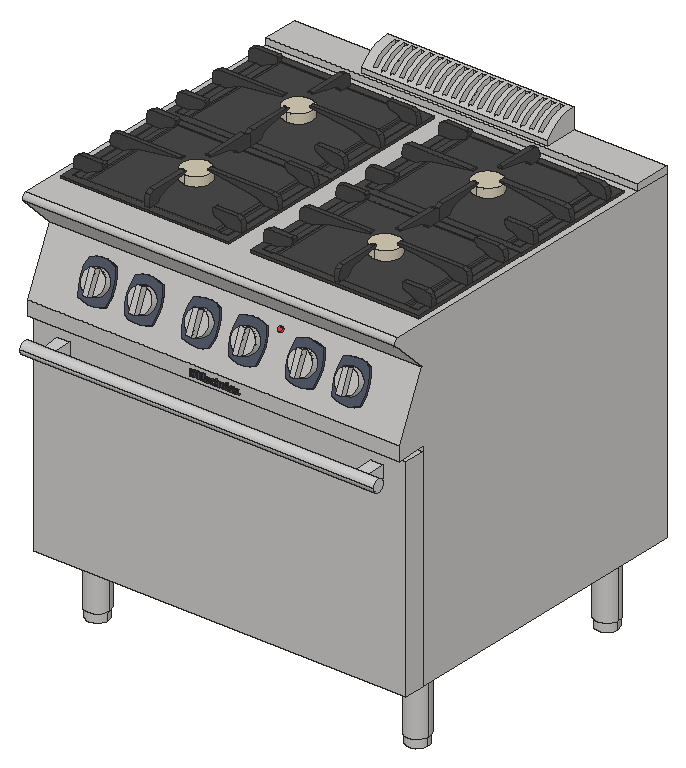
Revit family "QF_ELECTROLUXPROFESSIONAL_371402_E7AAKTBCMEI", category Attrezzature speciali, Revit 2018 (continued)
Automatic sketch dimensions
  plane 7 "Center Y" to Extrusion 26 sketch curve = 50.135 mm
  Extrusion 26 sketch curve to Extrusion 26 sketch curve = 1.521 mm
  plane 7 "Center Y" to Extrusion 26 sketch curve = 51.694 mm
  Extrusion 26 sketch curve to Extrusion 26 sketch curve = 0.124 mm
  Extrusion 26 sketch curve to Extrusion 26 sketch curve = 0.291 mm
  plane 7 "Center Y" to Extrusion 26 sketch curve = 7.285 mm
  Extrusion 26 sketch curve to Extrusion 26 sketch curve = 1.049 mm  (x2)
  plane 7 "Center Y" to Extrusion 26 sketch curve = 47.668 mm
  Extrusion 26 sketch curve to Extrusion 26 sketch curve = 1.7 mm
  Extrusion 26 sketch curve to Extrusion 26 sketch curve = 0.894 mm
  Extrusion 26 sketch curve to Extrusion 26 sketch curve = 0.989 mm
  Extrusion 26 sketch curve to Extrusion 26 sketch curve = 1.168 mm
  Extrusion 26 sketch curve to Extrusion 26 sketch curve = 1.594 mm
  Extrusion 26 sketch curve to Extrusion 26 sketch curve = 0.731 mm
  Extrusion 26 sketch curve to Extrusion 26 sketch curve = 1.566 mm
  Extrusion 26 sketch curve to Extrusion 26 sketch curve = 0.064 mm
  plane 7 "Center Y" to Extrusion 26 sketch curve = 7.842 mm
  Extrusion 26 sketch curve to Extrusion 26 sketch curve = 0.556 mm
  Extrusion 26 sketch curve to Extrusion 26 sketch curve = 0.48 mm
  Extrusion 26 sketch curve to Extrusion 26 sketch curve = 0.228 mm
  Extrusion 26 sketch curve to Extrusion 26 sketch curve = 1.018 mm
  plane 7 "Center Y" to Extrusion 26 sketch curve = 37.429 mm
  Extrusion 26 sketch curve to Extrusion 26 sketch curve = 0.787 mm
  Extrusion 26 sketch curve to Extrusion 26 sketch curve = 0.618 mm
  plane 7 "Center Y" to Extrusion 26 sketch curve = 42.486 mm
  Extrusion 26 sketch curve to Extrusion 26 sketch curve = 1.672 mm
  plane 7 "Center Y" to Extrusion 26 sketch curve = 53.436 mm
  Extrusion 26 sketch curve to Extrusion 26 sketch curve = 1.361 mm
  Extrusion 26 sketch curve to Extrusion 26 sketch curve = 0.822 mm
  Extrusion 26 sketch curve to Extrusion 26 sketch curve = 0.069 mm
  Extrusion 26 sketch curve to Extrusion 26 sketch curve = 1.88 mm
  plane 7 "Center Y" to Extrusion 26 sketch curve = 35.269 mm
  Extrusion 26 sketch curve to Extrusion 26 sketch curve = 0.42 mm
  Extrusion 26 sketch curve to Extrusion 26 sketch curve = 0.062 mm
  Extrusion 26 sketch curve to Extrusion 26 sketch curve = 1.355 mm
  Extrusion 26 sketch curve to Extrusion 26 sketch curve = 2.34 mm
  Extrusion 26 sketch curve to Extrusion 26 sketch curve = 0.493 mm
  Extrusion 26 sketch curve to Extrusion 26 sketch curve = 0.136 mm
  Extrusion 26 sketch curve to Extrusion 26 sketch curve = 0.128 mm
  Extrusion 26 sketch curve to Extrusion 26 sketch curve = 3.616 mm
  Extrusion 26 sketch curve to Extrusion 26 sketch curve = 4.207 mm
  Extrusion 26 sketch curve to Extrusion 26 sketch curve = 0.183 mm
  Extrusion 26 sketch curve to Extrusion 26 sketch curve = 0.895 mm
  Extrusion 26 sketch curve to Extrusion 26 sketch curve = 1.314 mm
  Extrusion 26 sketch curve to Extrusion 26 sketch curve = 3.231 mm
  Extrusion 26 sketch curve to plane 7 "Center Y" = 23.526 mm
  Extrusion 26 sketch curve to Extrusion 26 sketch curve = 1.299 mm
  Extrusion 26 sketch curve to Extrusion 26 sketch curve = 1.214 mm
  plane 7 "Center Y" to Extrusion 26 sketch curve = 26.369 mm
  Extrusion 26 sketch curve to Extrusion 26 sketch curve = 1.264 mm
  Extrusion 26 sketch curve to Extrusion 26 sketch curve = 0.109 mm
  Extrusion 26 sketch curve to Extrusion 26 sketch curve = 0.357 mm
  Extrusion 26 sketch curve to Extrusion 26 sketch curve = 0.565 mm
  Extrusion 26 sketch curve to Extrusion 26 sketch curve = 2.504 mm
  Extrusion 26 sketch curve to Extrusion 26 sketch curve = 2.459 mm
  Extrusion 26 sketch curve to Extrusion 26 sketch curve = 0.983 mm
  Extrusion 26 sketch curve to Extrusion 26 sketch curve = 0.422 mm  (x2)
  Extrusion 26 sketch curve to Extrusion 26 sketch curve = 1.268 mm
  Extrusion 26 sketch curve to Extrusion 26 sketch curve = 0.671 mm
  Extrusion 26 sketch curve to Extrusion 26 sketch curve = 1.634 mm
  Extrusion 26 sketch curve to Extrusion 26 sketch curve = 0.132 mm
  Extrusion 26 sketch curve to Extrusion 26 sketch curve = 0.586 mm
  Extrusion 26 sketch curve to Extrusion 26 sketch curve = 1.241 mm
  Extrusion 26 sketch curve to Extrusion 26 sketch curve = 1.689 mm
  Extrusion 26 sketch curve to Extrusion 26 sketch curve = 0.627 mm
  Extrusion 26 sketch curve to Extrusion 26 sketch curve = 0.419 mm
  Extrusion 26 sketch curve to Extrusion 26 sketch curve = 1.514 mm
  Extrusion 26 sketch curve to Extrusion 26 sketch curve = 1.019 mm
  Extrusion 26 sketch curve to Extrusion 26 sketch curve = 0.065 mm
  Extrusion 26 sketch curve to Extrusion 26 sketch curve = 1.215 mm
  Extrusion 26 sketch curve to Extrusion 26 sketch curve = 1.122 mm
  Extrusion 26 sketch curve to Extrusion 26 sketch curve = 1.153 mm
  Extrusion 26 sketch curve to Extrusion 26 sketch curve = 1.223 mm
  Extrusion 26 sketch curve to Extrusion 26 sketch curve = 0.934 mm
  Extrusion 26 sketch curve to Extrusion 26 sketch curve = 3.376 mm
  Extrusion 26 sketch curve to Extrusion 26 sketch curve = 0.222 mm
  Extrusion 26 sketch curve to Extrusion 26 sketch curve = 1.383 mm
  Extrusion 26 sketch curve to Extrusion 26 sketch curve = 1.556 mm
  Extrusion 26 sketch curve to Extrusion 26 sketch curve = 2.559 mm
  Extrusion 26 sketch curve to Extrusion 26 sketch curve = 2.51 mm
  Extrusion 26 sketch curve to Extrusion 26 sketch curve = 0.131 mm
  Extrusion 26 sketch curve to Extrusion 26 sketch curve = 1.134 mm
  Extrusion 26 sketch curve to Extrusion 26 sketch curve = 0.094 mm
  Extrusion 26 sketch curve to Extrusion 26 sketch curve = 1.584 mm
  Extrusion 26 sketch curve to Extrusion 26 sketch curve = 0.27 mm
  Extrusion 26 sketch curve to Extrusion 26 sketch curve = 0.916 mm
  Extrusion 26 sketch curve to Extrusion 26 sketch curve = 0.352 mm
  Extrusion 26 sketch curve to Extrusion 26 sketch curve = 0.458 mm
  Extrusion 26 sketch curve to Extrusion 26 sketch curve = 1.282 mm
  Extrusion 26 sketch curve to Extrusion 26 sketch curve = 1.363 mm
  Extrusion 26 sketch curve to Extrusion 26 sketch curve = 0.685 mm
  Extrusion 26 sketch curve to Extrusion 26 sketch curve = 0.905 mm
  Extrusion 26 sketch curve to Extrusion 26 sketch curve = 1.477 mm
  Extrusion 26 sketch curve to Extrusion 26 sketch curve = 0.472 mm
  Extrusion 26 sketch curve to Extrusion 26 sketch curve = 0.101 mm
  Extrusion 26 sketch curve to Extrusion 26 sketch curve = 0.54 mm
  Extrusion 26 sketch curve to Extrusion 26 sketch curve = 0.02 mm
  Extrusion 26 sketch curve to Extrusion 26 sketch curve = 0.829 mm
  Extrusion 26 sketch curve to Extrusion 26 sketch curve = 0.582 mm
  Extrusion 26 sketch curve to Extrusion 26 sketch curve = 0.166 mm
  Extrusion 26 sketch curve to Extrusion 26 sketch curve = 0.16 mm
  Extrusion 26 sketch curve to Extrusion 26 sketch curve = 1.118 mm
  Extrusion 26 sketch curve to Extrusion 26 sketch curve = 0.613 mm
  Extrusion 26 sketch curve to Extrusion 26 sketch curve = 0.781 mm
  Extrusion 26 sketch curve to Extrusion 26 sketch curve = 0.361 mm
  Extrusion 26 sketch curve to Extrusion 26 sketch curve = 0.897 mm
  Extrusion 26 sketch curve to Extrusion 26 sketch curve = 0.167 mm
  Extrusion 26 sketch curve to Extrusion 26 sketch curve = 0.292 mm
  Extrusion 26 sketch curve to Extrusion 26 sketch curve = 0.305 mm
  Extrusion 26 sketch curve to Extrusion 26 sketch curve = 1.557 mm
  Extrusion 26 sketch curve to Extrusion 26 sketch curve = 2.499 mm
  Extrusion 26 sketch curve to Extrusion 26 sketch curve = 3.062 mm
  Extrusion 26 sketch curve to Extrusion 26 sketch curve = 2.968 mm
  Extrusion 26 sketch curve to Extrusion 26 sketch curve = 5.044 mm
  Extrusion 26 sketch curve to Extrusion 26 sketch curve = 0.629 mm  (x2)
  Extrusion 26 sketch curve to Extrusion 26 sketch curve = 1.131 mm
  Extrusion 26 sketch curve to Extrusion 26 sketch curve = 0.137 mm
  Extrusion 26 sketch curve to Extrusion 26 sketch curve = 0.027 mm
  Extrusion 26 sketch curve to Extrusion 26 sketch curve = 2.046 mm
  Extrusion 26 sketch curve to Extrusion 26 sketch curve = 2.235 mm
  radius of Extrusion 9 sketch curve = 12.7 mm
  radius of Extrusion 12 sketch curve = 25.4 mm  (x6)
  radius of Extrusion 13 sketch curve = 6.35 mm
  radius of Extrusion 24 sketch curve = 5 mm
  radius of Extrusion 25 sketch curve = 3.175 mm
Nested families
  nested 1: "371009_BURNER" at (8.5, -5, 0), type "371009_BURNER"
    with Type Mark "", Status "", Specification by User "", Revision Code "", Item Number "", Installed By "", Identify Quantity as Lot yes, Furnished By "", Foodservice Equipment Identifier yes
  nested 2: "371009_BURNER" at (8.5, -739.127, 0), type "371009_BURNER"
    with Type Mark "", Status "", Specification by User "", Revision Code "", Item Number "", Installed By "", Identify Quantity as Lot yes, Furnished By "", Foodservice Equipment Identifier yes
  nested 3: "371009_BURNER" at (416.5, -5, 0), type "371009_BURNER"
    with Type Mark "", Status "", Specification by User "", Revision Code "", Item Number "", Installed By "", Identify Quantity as Lot yes, Furnished By "", Foodservice Equipment Identifier yes
  nested 4: "371009_BURNER" at (416.5, -739.127, 0), type "371009_BURNER"
    with Type Mark "", Status "", Specification by User "", Revision Code "", Item Number "", Installed By "", Identify Quantity as Lot yes, Furnished By "", Foodservice Equipment Identifier yes
Connectors
  piping at (747.613, -464, 141.185), diameter 12.8
    settings: on Extrusion 13, index 1, connector inside diameter 0.50394", connector length 0 mm, flow factor 0, pipe flow 0 GPM, pressure drop 0.00 psi, fitting loss kfactor 0, connector angle 0.00°, fixture units 0, engagement length 0 mm, angle of deflection 0.00°, flow configuration 1, flow direction 1, fitting loss method 0, system type 7, joint type 0, gender type 0, connector reference index -1, connector utility 0, adjustable connector no, is connector primary yes, connector description "Gas Inlet"
  electrical at (747.612, -514, 148.088)
    settings: on Extrusion 25, index 2, voltage 400 V, apparent load 6000 VA, apparent load phase1 0 VA, apparent load phase2 0 VA, apparent load phase3 0 VA, power factor 1, load classification "Other", number of poles 1, system type 30, power factor state 1, is connector primary yes, connector utility no, sub classification motor no, connector description "Electrical Connection"
Definition of nested family "371009_BURNER"
  Parameters
    Weight in Pounds = 0
    URL Cutsheet = ""
    URL = "www.electrolux.com"
    Type Mark [instance] = ""
    Status [instance] = ""
    Specification by User [instance] = ""
    Specification by Manufacturer = ""
    Serial Number = ""
    Seismic Rating = ""
    SMACNA No = ""
    Revision Code [instance] = ""
    Omniclass Number and Title = ""
    NAFEM Spec ID Number = ""
    Model = "371009"
    Masterspec = ""
    Manufacturer = "ELECTROLUX"
    Item Number [instance] = ""
    Installed By [instance] = ""
    Identify Quantity as Lot [instance] = yes
    Furnished By [instance] = ""
    Foodservice Equipment Identifier [instance] = yes
    Description = ""
    CSI MasterFormat = ""
    CSI Master Format = ""
  Reference planes
    plane 1 "BACK": y = 0
    plane 2: z = 0
    plane 3 "LEFT": x = 0
    plane 4 "RIGHT": x = 800
    plane 5 "FRONT": y = -700
    plane 6 "TOP": z = 908.85
    plane 7 "Center Y": x = 400
    plane 8 "Center X": y = -350
    plane 9 "Base": z = 150
    plane 10: z = 850.85
  Forms (mm)
    Extrusion 1, solid
      sketch origin (0, -734.127, 5) x (1, 0, 0) y (0, 0, -1)
        loop
          arc (7.142, -850.85) -> (6.739, -862.989) -> (9.761, -874.752) r 42.809
          line (9.761, -874.752) -> (19.961, -879.425) -> (157.339, -879.425)
          arc (157.339, -879.425) -> (158.533, -878.312) -> (157.506, -877.043) r 1.197
          line (157.506, -877.043) -> (64.848, -864.021)
          arc (64.848, -864.021) -> (50.111, -858.738) -> (36.589, -850.85) r 85.245
          line (36.589, -850.85) -> (7.142, -850.85)
        loop
          line (367.858, -850.85) -> (338.411, -850.85)
          arc (338.411, -850.85) -> (324.889, -858.738) -> (310.152, -864.021) r 85.245
          line (310.152, -864.021) -> (217.494, -877.043)
          arc (217.494, -877.043) -> (216.467, -878.312) -> (217.661, -879.425) r 1.197
          line (217.661, -879.425) -> (355.039, -879.425) -> (365.239, -874.752)
          arc (365.239, -874.752) -> (368.261, -862.989) -> (367.858, -850.85) r 42.809
      from 224.564 to 234.564
    Extrusion 2, solid
      sketch origin (0, -734.127, 5) x (1, 0, 0) y (0, 0, -1)
        loop
          arc (7.056, -850.85) -> (6.705, -862.948) -> (9.748, -874.663) r 42.876
          line (9.748, -874.663) -> (19.961, -879.425) -> (65.851, -879.425)
          arc (65.851, -879.425) -> (68.577, -878.352) -> (69.841, -875.709) r 4
          arc (69.841, -875.709) -> (68.75, -869.25) -> (64.816, -864.012) r 13.87
          arc (64.816, -864.012) -> (50.096, -858.731) -> (36.589, -850.85) r 85.245
          line (36.589, -850.85) -> (7.056, -850.85)
        loop
          line (367.944, -850.85) -> (338.411, -850.85)
          arc (338.411, -850.85) -> (324.904, -858.731) -> (310.184, -864.012) r 85.245
          arc (310.184, -864.012) -> (306.25, -869.25) -> (305.159, -875.709) r 13.87
          arc (305.159, -875.709) -> (306.423, -878.352) -> (309.149, -879.425) r 4
          line (309.149, -879.425) -> (355.039, -879.425) -> (365.252, -874.663)
          arc (365.252, -874.663) -> (368.295, -862.948) -> (367.944, -850.85) r 42.876
      from 127.064 to 137.064
    Extrusion 3, solid
      sketch origin (0, -275, 5) x (1, 0, 0) y (0, 0, 1)
        loop
          arc (64.816, 864.012) -> (68.75, 869.25) -> (69.841, 875.709) r 13.87
          arc (69.841, 875.709) -> (68.577, 878.352) -> (65.851, 879.425) r 4
          line (65.851, 879.425) -> (19.961, 879.425) -> (9.748, 874.663)
          arc (9.748, 874.663) -> (6.705, 862.948) -> (7.056, 850.85) r 42.876
          line (7.056, 850.85) -> (36.589, 850.85)
          arc (36.589, 850.85) -> (50.096, 858.731) -> (64.816, 864.012) r 85.245
        loop
          arc (310.184, 864.012) -> (324.904, 858.731) -> (338.411, 850.85) r 85.245
          line (338.411, 850.85) -> (367.944, 850.85)
          arc (367.944, 850.85) -> (368.295, 862.948) -> (365.252, 874.663) r 42.876
          line (365.252, 874.663) -> (355.039, 879.425) -> (309.149, 879.425)
          arc (309.149, 879.425) -> (306.423, 878.352) -> (305.159, 875.709) r 4
          arc (305.159, 875.709) -> (306.25, 869.25) -> (310.184, 864.012) r 13.87
      from 127.064 to 137.064
    Extrusion 4, solid
      sketch origin (454.964, -29.48, 5) x (0, -1, 0) y (0, 0, 1)
        loop
          arc (366.649, 850.85) -> (375.927, 861.743) -> (389.337, 866.736) r 28.426
          line (389.337, 866.736) -> (441.256, 877.043)
          arc (441.256, 877.043) -> (442.283, 878.312) -> (441.089, 879.425) r 1.197
          line (441.089, 879.425) -> (347.797, 879.425)
          arc (347.797, 879.425) -> (343.211, 875.934) -> (337.583, 874.694) r 13.39
          line (337.583, 874.694) -> (337.583, 850.85) -> (366.649, 850.85)
        loop
          arc (606.236, 850.85) -> (606.587, 862.948) -> (603.543, 874.663) r 42.876
          line (603.543, 874.663) -> (593.33, 879.425) -> (509.077, 879.425)
          arc (509.077, 879.425) -> (507.883, 878.312) -> (508.911, 877.043) r 1.197
          line (508.911, 877.043) -> (560.83, 866.736)
          arc (560.83, 866.736) -> (574.239, 861.743) -> (583.518, 850.85) r 28.426
          line (583.518, 850.85) -> (606.236, 850.85)
      from 262.464 to 272.464
    Extrusion 5, solid
      sketch origin (0, 0, 850.85) x (0, -1, 0) y (1, 0, 0)
        loop
          line (642.216, 6.433) -> (642.216, 368.567) -> (367.857, 368.567) -> (367.857, 6.433) -> (642.216, 6.433)
        loop
          line (382.857, 21.433) -> (627.216, 21.433) -> (627.216, 353.567) -> (382.857, 353.567) -> (382.857, 21.433)
      from 0 to 5
    Extrusion 6, solid
      sketch origin (-12.5, 0, 855.85) x (0, -1, 0) y (1, 0, 0)
        loop
          circle (504.356, 200) r 30
      from -1.321 to 17.134
    Extrusion 7, solid
      sketch origin (0, -734.127, 0) x (1, 0, 0) y (0, 0, -1)
        loop
          line (21.433, -855.85) -> (36.589, -855.85)
          arc (36.589, -855.85) -> (40.561, -855.243) -> (44.305, -853.783) r 18.259
          arc (44.305, -853.783) -> (45.997, -853.366) -> (47.69, -853.783) r 3.649
          arc (47.69, -853.783) -> (49.901, -854.522) -> (52.232, -854.529) r 7.328
          line (52.232, -854.529) -> (322.768, -854.529)
          arc (322.768, -854.529) -> (325.099, -854.522) -> (327.31, -853.783) r 7.328
          arc (327.31, -853.783) -> (329.003, -853.366) -> (330.695, -853.783) r 3.649
          arc (330.695, -853.783) -> (334.439, -855.243) -> (338.411, -855.85) r 18.259
          line (338.411, -855.85) -> (353.567, -855.85) -> (353.567, -850.85) -> (21.433, -850.85) -> (21.433, -855.85)
      from 106.911 to 351.27
  Lines and regions (mm)
    symbolic lines
      curve 1: line (6.433, -642.216, 150) -> (368.567, -642.216, 150)
      curve 2: line (6.433, -367.857, 150) -> (6.433, -642.216, 150)
      curve 3: line (368.567, -367.857, 150) -> (192.5, -367.857, 150)
      curve 4: line (368.567, -642.216, 150) -> (368.567, -367.857, 150)
      curve 5: line (353.567, -382.857, 150) -> (192.5, -382.857, 150)
      curve 6: line (353.567, -627.216, 150) -> (353.567, -607.064, 150)
      curve 7: line (21.433, -627.216, 150) -> (182.5, -627.216, 150)
      curve 8: line (21.433, -382.857, 150) -> (21.433, -402.064, 150)
      curve 9: line (52.232, -627.216, 150) -> (52.232, -607.064, 150)
      curve 10: line (322.567, -382.857, 150) -> (322.567, -402.064, 150)
      curve 11: line (148.125, -499.564, 150) -> (148.125, -382.857, 150)
      curve 12: line (154.375, -382.857, 150) -> (154.375, -499.564, 150)
      curve 13: arc (148.297, -509.564, 150) -> (159.191, -533.254, 150) -> (182.5, -544.942, 150) r 39.375
      curve 14: arc (220.42, -509.564, 150) -> (211.39, -528.832, 150) -> (192.5, -538.631, 150) r 33.125
      curve 15: line (220.625, -382.857, 150) -> (220.625, -499.564, 150)
      curve 16: line (226.875, -499.564, 150) -> (226.875, -382.857, 150)
      curve 17: line (192.5, -636.339, 150) -> (192.5, -535.619, 150)
      curve 18: arc (182.657, -474.75, 150) -> (166.195, -483.236, 150) -> (157.853, -499.771, 150) r 30
      curve 19: arc (192.224, -533.982, 150) -> (208.621, -525.661, 150) -> (217.084, -509.337, 150) r 30
      curve 20: line (368.567, -597.064, 150) -> (305.159, -597.064, 150)
      curve 21: line (6.433, -607.064, 150) -> (69.841, -607.064, 150)
      curve 22: line (6.433, -509.564, 150) -> (156.429, -509.564, 150)
      curve 23: line (368.567, -499.564, 150) -> (218.571, -499.564, 150)
      curve 24: line (6.433, -412.064, 150) -> (69.841, -412.064, 150)
      curve 25: line (368.567, -402.064, 150) -> (305.159, -402.064, 150)
      curve 26: line (69.841, -597.064, 150) -> (6.433, -597.064, 150)
      curve 27: line (305.159, -607.064, 150) -> (368.567, -607.064, 150)
      curve 28: line (69.841, -402.064, 150) -> (6.433, -402.064, 150)
      curve 29: line (305.159, -412.064, 150) -> (368.567, -412.064, 150)
      curve 30: arc (69.841, -597.064, 150) -> (74.841, -602.064, 150) -> (69.841, -607.064, 150) r 5
      curve 31: arc (305.159, -607.064, 150) -> (300.159, -602.064, 150) -> (305.159, -597.064, 150) r 5
      curve 32: arc (69.841, -402.064, 150) -> (74.841, -407.064, 150) -> (69.841, -412.064, 150) r 5
      curve 33: arc (305.159, -412.064, 150) -> (300.159, -407.064, 150) -> (305.159, -402.064, 150) r 5
      curve 34: line (21.433, -412.064, 150) -> (21.433, -499.564, 150)
      curve 35: line (52.232, -402.064, 150) -> (52.232, -382.857, 150)
      curve 36: line (21.433, -509.564, 150) -> (21.433, -597.064, 150)
      curve 37: line (52.232, -499.564, 150) -> (52.232, -412.064, 150)
      curve 38: line (52.232, -597.064, 150) -> (52.232, -509.564, 150)
      curve 39: line (21.433, -607.064, 150) -> (21.433, -627.216, 150)
      curve 40: line (322.567, -607.064, 150) -> (322.567, -627.216, 150)
      curve 41: line (353.567, -597.064, 150) -> (353.567, -509.564, 150)
      curve 42: line (322.567, -509.564, 150) -> (322.567, -597.064, 150)
      curve 43: line (353.567, -499.564, 150) -> (353.567, -412.064, 150)
      curve 44: line (353.567, -402.064, 150) -> (353.567, -382.857, 150)
      curve 45: line (322.567, -412.064, 150) -> (322.567, -499.564, 150)
      curve 46: line (156.429, -499.564, 150) -> (6.433, -499.564, 150)
      curve 47: line (218.571, -509.564, 150) -> (368.567, -509.564, 150)
      curve 48: arc (218.571, -499.564, 150) -> (213.571, -504.564, 150) -> (218.571, -509.564, 150) r 5
      curve 49: arc (156.429, -499.564, 150) -> (161.429, -504.564, 150) -> (156.429, -509.564, 150) r 5
      curve 50: arc (157.916, -509.337, 150) -> (166.379, -525.661, 150) -> (182.776, -533.982, 150) r 30
      curve 51: arc (217.147, -499.771, 150) -> (208.805, -483.236, 150) -> (192.343, -474.75, 150) r 30
      curve 52: line (182.5, -535.619, 150) -> (182.5, -636.339, 150)
      curve 53: line (192.5, -473.508, 150) -> (192.5, -367.064, 150)
      curve 54: arc (192.5, -535.619, 150) -> (187.5, -530.619, 150) -> (182.5, -535.619, 150) r 5
      curve 55: arc (192.5, -473.508, 150) -> (187.5, -478.508, 150) -> (182.5, -473.508, 150) r 5
      curve 56: line (182.5, -367.857, 150) -> (6.433, -367.857, 150)
      curve 57: line (182.5, -382.857, 150) -> (21.433, -382.857, 150)
      curve 58: arc (192.5, -404.571, 150) -> (196.398, -417.071, 150) -> (192.5, -429.571, 150) r 21.993
      curve 59: arc (196.181, -420.148, 150) -> (199.482, -417.071, 150) -> (196.181, -413.995, 150) r 3.084
      curve 60: arc (182.5, -404.571, 150) -> (178.602, -417.071, 150) -> (182.5, -429.571, 150) r 21.993
      curve 61: arc (178.819, -420.148, 150) -> (175.518, -417.071, 150) -> (178.819, -413.995, 150) r 3.084
      curve 62: line (182.5, -367.064, 150) -> (182.5, -473.508, 150)
      curve 63: arc (182.5, -538.631, 150) -> (163.61, -528.832, 150) -> (154.58, -509.564, 150) r 33.125
      curve 64: arc (192.5, -544.942, 150) -> (215.809, -533.254, 150) -> (226.703, -509.564, 150) r 39.375
      curve 65: line (182.5, -636.339, 150) -> (192.5, -636.339, 150)
      curve 66: line (182.5, -377.277, 150) -> (192.5, -377.277, 150)
      curve 67: line (182.5, -367.064, 150) -> (192.5, -367.064, 150)
      curve 68: line (192.5, -627.216, 150) -> (353.567, -627.216, 150)
  Dimensions and locks
    equal spacing: plane 3 "LEFT", plane 7 "Center Y", plane 4 "RIGHT"
    plane 3 "LEFT" to plane 4 "RIGHT" = 800 mm
    equal spacing: plane 5 "FRONT", plane 8 "Center X", plane 1 "BACK"
    plane 5 "FRONT" to plane 1 "BACK" = 700 mm
    plane 6 "TOP" to level = 908.85 mm
    plane 9 "Base" to level = 150 mm
    plane 6 "TOP" to plane 10 = 58 mm  (x2)
    aligned and locked: level to plane 2
  Automatic sketch dimensions
    Extrusion 5 sketch curve to Extrusion 5 sketch curve = 15 mm  (x2)
    Extrusion 5 sketch curve to Extrusion 5 sketch curve = 332.134 mm
    plane 3 "LEFT" to Extrusion 2 sketch curve = 7.056 mm
    plane 3 "LEFT" to Extrusion 2 sketch curve = 9.748 mm
    Extrusion 2 sketch curve to Extrusion 2 sketch curve = 10.213 mm  (x2)
    plane 10 to Extrusion 2 sketch curve = 5 mm  (x2)
    Extrusion 2 sketch curve to Extrusion 2 sketch curve = 29.533 mm
    Extrusion 2 sketch curve to Extrusion 2 sketch curve = 12.72 mm  (x2)
    Extrusion 2 sketch curve to Extrusion 2 sketch curve = 6.697 mm
    Extrusion 2 sketch curve to Extrusion 2 sketch curve = 8.81 mm
    Extrusion 2 sketch curve to Extrusion 2 sketch curve = 9.845 mm  (x2)
    Extrusion 2 sketch curve to Extrusion 2 sketch curve = 3.99 mm  (x2)
    Extrusion 2 sketch curve to Extrusion 2 sketch curve = 0 mm  (x2)
    Extrusion 2 sketch curve to Extrusion 2 sketch curve = 36.813 mm
    Extrusion 2 sketch curve to plane 7 "Center Y" = 111.122 mm
    Extrusion 2 sketch curve to plane 6 "TOP" = 28.141 mm
    Extrusion 2 sketch curve to plane 7 "Center Y" = 94.841 mm
    Extrusion 2 sketch curve to Extrusion 2 sketch curve = 1.035 mm
    Extrusion 2 sketch curve to Extrusion 2 sketch curve = 15.507 mm
    Extrusion 2 sketch curve to Extrusion 2 sketch curve = 16.628 mm
    Extrusion 2 sketch curve to Extrusion 2 sketch curve = 2.692 mm
    Extrusion 2 sketch curve to plane 6 "TOP" = 24.425 mm
    Extrusion 2 sketch curve to Extrusion 2 sketch curve = 28.575 mm
    Extrusion 2 sketch curve to Extrusion 2 sketch curve = 3.716 mm
    Extrusion 2 sketch curve to Extrusion 2 sketch curve = 4.763 mm  (x2)
    plane 3 "LEFT" to Extrusion 1 sketch curve = 7.142 mm
    plane 3 "LEFT" to Extrusion 1 sketch curve = 9.761 mm
    Extrusion 1 sketch curve to Extrusion 1 sketch curve = 10.201 mm  (x2)
    plane 10 to Extrusion 1 sketch curve = 5 mm  (x2)
    Extrusion 1 sketch curve to Extrusion 1 sketch curve = 29.447 mm
    Extrusion 1 sketch curve to Extrusion 1 sketch curve = 12.704 mm  (x2)
    Extrusion 1 sketch curve to Extrusion 1 sketch curve = 15.555 mm  (x2)
    Extrusion 1 sketch curve to Extrusion 1 sketch curve = 36.829 mm
    Extrusion 1 sketch curve to plane 6 "TOP" = 24.425 mm  (x2)
    Extrusion 1 sketch curve to Extrusion 1 sketch curve = 92.491 mm
    Extrusion 1 sketch curve to plane 6 "TOP" = 26.807 mm  (x2)
    Extrusion 1 sketch curve to Extrusion 1 sketch curve = 0.167 mm  (x2)
    Extrusion 1 sketch curve to Extrusion 1 sketch curve = 59.988 mm
    Extrusion 1 sketch curve to plane 7 "Center Y" = 111.122 mm
    plane 10 to Extrusion 1 sketch curve = 18.171 mm
    Extrusion 1 sketch curve to Extrusion 1 sketch curve = 21.274 mm
    Extrusion 1 sketch curve to Extrusion 1 sketch curve = 16.628 mm
    Extrusion 1 sketch curve to Extrusion 1 sketch curve = 2.618 mm
    Extrusion 1 sketch curve to Extrusion 1 sketch curve = 4.673 mm  (x2)
    Extrusion 1 sketch curve to Extrusion 1 sketch curve = 5.694 mm
    plane 3 "LEFT" to Extrusion 3 sketch curve = 7.056 mm
    plane 3 "LEFT" to Extrusion 3 sketch curve = 9.748 mm
    Extrusion 3 sketch curve to Extrusion 3 sketch curve = 10.213 mm  (x2)
    plane 10 to Extrusion 3 sketch curve = 5 mm  (x2)
    Extrusion 3 sketch curve to Extrusion 3 sketch curve = 29.533 mm
    Extrusion 3 sketch curve to Extrusion 3 sketch curve = 12.72 mm  (x2)
    Extrusion 3 sketch curve to Extrusion 3 sketch curve = 6.697 mm
    Extrusion 3 sketch curve to Extrusion 3 sketch curve = 8.81 mm
    Extrusion 3 sketch curve to Extrusion 3 sketch curve = 9.845 mm  (x2)
    Extrusion 3 sketch curve to Extrusion 3 sketch curve = 3.99 mm  (x2)
    Extrusion 3 sketch curve to Extrusion 3 sketch curve = 0 mm  (x2)
    Extrusion 3 sketch curve to Extrusion 3 sketch curve = 36.813 mm
    Extrusion 3 sketch curve to plane 7 "Center Y" = 111.122 mm
    Extrusion 3 sketch curve to plane 6 "TOP" = 28.141 mm
    Extrusion 3 sketch curve to plane 7 "Center Y" = 94.841 mm
    Extrusion 3 sketch curve to Extrusion 3 sketch curve = 1.035 mm
    Extrusion 3 sketch curve to Extrusion 3 sketch curve = 15.507 mm
    Extrusion 3 sketch curve to Extrusion 3 sketch curve = 16.628 mm
    Extrusion 3 sketch curve to Extrusion 3 sketch curve = 2.692 mm
    Extrusion 3 sketch curve to plane 10 = 64.377 mm  (x2)
    plane 10 to Extrusion 3 sketch curve = 12.281 mm  (x2)
    Extrusion 3 sketch curve to Extrusion 3 sketch curve = 10.713 mm
    Extrusion 5 to Extrusion 6 sketch curve = 121.499 mm
    Extrusion 5 to Extrusion 6 sketch curve = 166.067 mm
    plane 3 "LEFT" to Extrusion 5 sketch curve = 21.433 mm
    Extrusion 5 sketch curve to plane 5 "FRONT" = 72.784 mm
    plane 3 "LEFT" to Extrusion 7 sketch curve = 21.433 mm
    Extrusion 7 sketch curve to Extrusion 7 sketch curve = 14.402 mm
    plane 10 to Extrusion 7 sketch curve = 5 mm
    plane 10 to Extrusion 7 sketch curve = 2.933 mm  (x4)
    Extrusion 7 sketch curve to Extrusion 7 sketch curve = 7.716 mm  (x2)
    Extrusion 7 sketch curve to Extrusion 7 sketch curve = 0 mm  (x2)
    Extrusion 7 sketch curve to Extrusion 7 sketch curve = 1.692 mm  (x2)
    Extrusion 7 sketch curve to Extrusion 7 sketch curve = 3.385 mm  (x2)
    Extrusion 7 sketch curve to plane 10 = 3.559 mm  (x2)
    Extrusion 7 sketch curve to Extrusion 7 sketch curve = 302.478 mm
    Extrusion 7 sketch curve to Extrusion 7 sketch curve = 15.253 mm
    Extrusion 7 sketch curve to Extrusion 7 sketch curve = 15.156 mm  (x2)
    Extrusion 7 sketch curve to Extrusion 7 sketch curve = 3.233 mm
    Extrusion 7 sketch curve to plane 10 = 0 mm
    Extrusion 7 sketch curve to plane 7 "Center Y" = 77.232 mm
    Extrusion 5 sketch curve to plane 8 "Center X" = 32.857 mm
    plane 3 "LEFT" to Extrusion 5 sketch curve = 6.433 mm
    plane 1 "BACK" to Extrusion 5 sketch curve = 367.857 mm
    plane 10 to Extrusion 4 sketch curve = 5 mm  (x2)
    Extrusion 4 sketch curve to Extrusion 4 sketch curve = 29.066 mm
    Extrusion 4 sketch curve to Extrusion 4 sketch curve = 22.688 mm
    Extrusion 4 sketch curve to plane 10 = 7.392 mm  (x2)
    Extrusion 4 sketch curve to Extrusion 4 sketch curve = 25.583 mm
    Extrusion 4 sketch curve to plane 6 "TOP" = 24.425 mm  (x2)
    Extrusion 4 sketch curve to Extrusion 4 sketch curve = 51.752 mm
    Extrusion 4 sketch curve to Extrusion 4 sketch curve = 0.167 mm  (x2)
    Extrusion 4 sketch curve to plane 6 "TOP" = 26.807 mm
    Extrusion 4 sketch curve to Extrusion 4 sketch curve = 67.655 mm
    Extrusion 4 sketch curve to Extrusion 4 sketch curve = 49.024 mm
    Extrusion 4 sketch curve to Extrusion 4 sketch curve = 2.895 mm
    Extrusion 4 sketch curve to Extrusion 4 sketch curve = 3.153 mm
    Extrusion 4 sketch curve to Extrusion 4 sketch curve = 19.535 mm
    Extrusion 4 sketch curve to Extrusion 4 sketch curve = 9.813 mm
    Extrusion 4 sketch curve to Extrusion 4 sketch curve = 10.213 mm
    Extrusion 4 sketch curve to Extrusion 4 sketch curve = 22.718 mm
    Extrusion 4 sketch curve to Extrusion 4 sketch curve = 8.605 mm
    Extrusion 4 sketch curve to Extrusion 4 sketch curve = 4.731 mm
    Extrusion 4 sketch curve to Extrusion 4 sketch curve = 2.382 mm
    Extrusion 4 sketch curve to Extrusion 4 sketch curve = 8.658 mm
    Extrusion 4 sketch curve to plane 8 "Center X" = 17.064 mm
    curve 13 to curve 14 = 0 mm  (x2)
    curve 13 to curve 63 = 0 mm  (x2)
    curve 13 to curve 64 = 0 mm  (x2)
    curve 18 to curve 19 = 0 mm  (x2)
    curve 18 to curve 50 = 0 mm  (x2)
    curve 18 to curve 51 = 0 mm  (x2)
    curve 25 to plane 7 "Center Y" = 31.433 mm
    curve 3 to curve 44 = 15 mm
    curve 43 to curve 44 = 0 mm
    curve 1 to curve 68 = 15 mm
    curve 41 to curve 43 = 0 mm
    curve 6 to curve 40 = 31 mm
    curve 41 to curve 42 = 31 mm
    curve 43 to curve 45 = 31 mm
    curve 10 to curve 45 = 0 mm
    curve 40 to curve 27 = 17.408 mm
    curve 45 to curve 29 = 17.408 mm
    curve 16 to curve 64 = 0.172 mm
    curve 16 to curve 15 = 6.25 mm
    curve 64 to curve 14 = 6.283 mm
    curve 15 to curve 23 = 2.054 mm
    curve 23 to curve 51 = 1.424 mm
    curve 47 to curve 19 = 1.487 mm
    curve 15 to curve 60 = 20.029 mm
    curve 60 to curve 59 = 4.198 mm
    curve 59 to curve 59 = 0.216 mm  (x2)
    curve 19 to curve 64 = 24.584 mm
    curve 55 to curve 51 = 0.157 mm
    curve 54 to curve 19 = 0.276 mm
    curve 19 to curve 64 = 4.724 mm
    curve 18 to curve 13 = 0 mm
    curve 54 to curve 54 = 5 mm
    curve 50 to curve 54 = 0.276 mm
    curve 18 to curve 55 = 0.157 mm
    curve 60 to curve 61 = 3.681 mm
    curve 61 to curve 61 = 0 mm
    curve 61 to curve 61 = 0.216 mm
    curve 61 to curve 58 = 4.198 mm
    curve 13 to curve 50 = 29.584 mm
    curve 50 to curve 18 = 0.064 mm
    curve 50 to curve 22 = 1.487 mm
    curve 22 to curve 63 = 1.849 mm
    curve 49 to curve 12 = 2.054 mm
    curve 63 to curve 13 = 6.283 mm
    curve 12 to curve 11 = 6.25 mm
    plane 3 "LEFT" to curve 30 = 69.841 mm
    plane 3 "LEFT" to curve 28 = 69.841 mm
    plane 3 "LEFT" to curve 38 = 52.232 mm
    curve 24 to curve 37 = 17.609 mm
    curve 9 to curve 38 = 0 mm
    curve 28 to curve 35 = 17.609 mm
    plane 3 "LEFT" to curve 39 = 21.433 mm
    plane 3 "LEFT" to curve 8 = 21.433 mm
    curve 34 to curve 8 = 0 mm
    curve 36 to curve 34 = 0 mm
    plane 3 "LEFT" to curve 21 = 6.433 mm
    curve 67 to curve 56 = 0.794 mm
    curve 67 to curve 3 = 0.794 mm
    curve 56 to curve 66 = 9.419 mm
    curve 10 to curve 33 = 19.206 mm
    curve 8 to curve 8 = 19.206 mm
    curve 57 to curve 60 = 21.714 mm
    curve 60 to curve 58 = 0 mm
    curve 28 to curve 32 = 5 mm
    curve 33 to curve 33 = 5 mm
    curve 58 to curve 59 = 9.423 mm
    curve 61 to curve 58 = 3.077 mm
    curve 60 to curve 62 = 43.937 mm
    curve 51 to curve 15 = 24.814 mm
    curve 23 to curve 51 = 0.207 mm
    curve 18 to curve 13 = 1.529 mm
    curve 38 to curve 38 = 87.5 mm
    curve 42 to curve 31 = 87.5 mm
    curve 26 to curve 30 = 5 mm
    curve 31 to curve 31 = 5 mm
    curve 9 to curve 9 = 20.152 mm
    curve 65 to plane 5 "FRONT" = 63.661 mm
    curve 6 to curve 4 = 15 mm
    curve 55 to curve 55 = 5 mm
    curve 53 to curve 18 = 5 mm
    curve 45 to curve 16 = 95.692 mm
    curve 2 to curve 57 = 15 mm
    curve 10 to plane 8 "Center X" = 32.857 mm
    curve 57 to plane 8 "Center X" = 32.857 mm
    curve 6 to curve 68 = 20.152 mm
    radius of Extrusion 6 sketch curve = 30 mm
Types (2, lengths in mm): name | URL | Modello | Produttore | Gas Size | Descrizione
  (no name) | "www.electrolux.com" | "371003" | "ELECTROLUX" | 0" | "700XP 4-Burner Gas Range on Electric Oven"
  Standard | "https://www.electroluxprofessional.com/" | "E7AAKTBCMEI" | "Electrolux Professional" | 1/2" | "4-BURNER GAS RANGE+ELECTRIC OVEN 800MM - QMARK"
